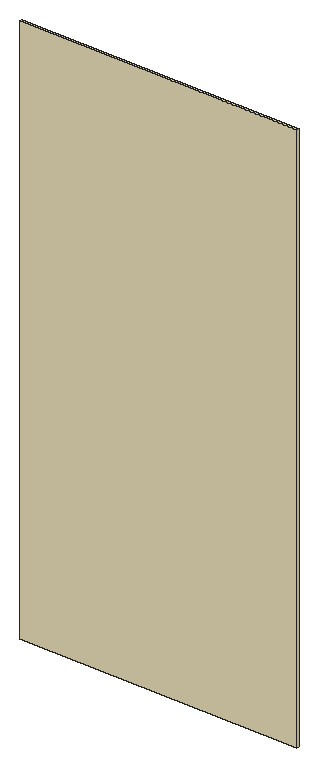
Revit family "American Oak Veneer Roman Brick", category Generic Models, Revit 2017
Family settings
  Can host rebar = No
  Round Connector Dimension = Use Diameter
  Part Type = Normal
  Work Plane-Based = No
  Always vertical = Yes
  Cut with Voids When Loaded = No
  Shared = Yes
  Room Calculation Point = No
Parameters (values of type "2400 x 1200")
  Raw Finish Code = "EX24 AW-ROM"  # constant formula
  Panel_width = 1200 mm  # constant formula
  Panel_thickness = 10 mm  # constant formula
  Material = none
  URL = "https://www.easycraft.com.au/products/253/expression-series"
  Model = "Expression Series - Roman Brick"  # constant formula
  Manufacturer = "Easycraft Australia Pty Ltd ph 07 3906 7200"  # constant formula
  Panel_height = 2400 mm  # constant formula
  Description = "American Walnut Veneer"  # constant formula
  Clear Finish Code = "EX24 AW-ROM-CF"  # constant formula
  Assembly Code = ""
Reference planes
  plane 1 "Center (Front/Back)": y = 0
  plane 2: z = 0
  plane 3 "Center (Left/Right)": x = 0
  plane 4 "Panel_top": z = 2400
  plane 5 "Panel face": y = -10
  plane 6: x = 1200
Forms (mm)
  Extrusion 1, solid, material "American Oak Veneer"
    sketch origin (0, 0, 2400) x (0, -1, 0) y (1, 0, 0)
      loop
        line (0, 0) -> (10, 0) -> (10, 1200) -> (0, 1200) -> (0, 0)
    from -2400 to 0
Lines and regions (mm)
  model lines, style "easycraft expressions pattern"
    curve 1: line (1200, -10, 2379.852) -> (0, -10, 2379.852)
    curve 2: line (0, -10, 2295.36) -> (1200, -10, 2295.36)
    curve 3: line (1200, -10, 2210.868) -> (0, -10, 2210.868)
    curve 4: line (0, -10, 2123.127) -> (1200, -10, 2123.127)
    curve 5: line (1200, -10, 2038.635) -> (0, -10, 2038.635)
    curve 6: line (0, -10, 1953.927) -> (1200, -10, 1953.927)
    curve 7: line (1200, -10, 1869.435) -> (0, -10, 1869.435)
    curve 8: line (0, -10, 1784.943) -> (1200, -10, 1784.943)
    curve 9: line (1200, -10, 1700.451) -> (0, -10, 1700.451)
    curve 10: line (0, -10, 1615.96) -> (1200, -10, 1615.96)
    curve 11: line (1200, -10, 1531.468) -> (0, -10, 1531.468)
    curve 12: line (0, -10, 1446.759) -> (1200, -10, 1446.759)
    curve 13: line (1200, -10, 1362.268) -> (0, -10, 1362.268)
    curve 14: line (0, -10, 1274.526) -> (1200, -10, 1274.526)
    curve 15: line (1200, -10, 1190.034) -> (0, -10, 1190.034)
    curve 16: line (0, -10, 1105.543) -> (1200, -10, 1105.543)
    curve 17: line (1200, -10, 1021.051) -> (0, -10, 1021.051)
    curve 18: line (0, -10, 936.342) -> (1200, -10, 936.342)
    curve 19: line (1200, -10, 851.851) -> (0, -10, 851.851)
    curve 20: line (0, -10, 767.359) -> (1200, -10, 767.359)
    curve 21: line (1200, -10, 682.867) -> (0, -10, 682.867)
    curve 22: line (0, -10, 598.375) -> (1200, -10, 598.375)
    curve 23: line (1200, -10, 513.883) -> (0, -10, 513.883)
    curve 24: line (0, -10, 429.175) -> (1200, -10, 429.175)
    curve 25: line (1200, -10, 341.433) -> (0, -10, 341.433)
    curve 26: line (601.625, -10, 2379.852) -> (601.625, -10, 2400)
    curve 27: line (601.625, -10, 2210.868) -> (601.625, -10, 2295.36)
    curve 28: line (601.625, -10, 2038.635) -> (601.625, -10, 2123.127)
    curve 29: line (601.625, -10, 1869.435) -> (601.625, -10, 1953.927)
    curve 30: line (601.625, -10, 1700.451) -> (601.625, -10, 1784.943)
    curve 31: line (601.625, -10, 1531.468) -> (601.625, -10, 1615.96)
    curve 32: line (601.625, -10, 1362.268) -> (601.625, -10, 1446.759)
    curve 33: line (601.625, -10, 1190.034) -> (601.625, -10, 1274.526)
    curve 34: line (601.625, -10, 1021.051) -> (601.625, -10, 1105.543)
    curve 35: line (601.625, -10, 851.851) -> (601.625, -10, 936.342)
    curve 36: line (601.625, -10, 682.867) -> (601.625, -10, 767.359)
    curve 37: line (601.625, -10, 513.883) -> (601.625, -10, 598.375)
    curve 38: line (601.625, -10, 341.433) -> (601.625, -10, 429.175)
    curve 39: line (751.327, -10, 2295.36) -> (751.327, -10, 2379.852)
    curve 40: line (452.139, -10, 2295.36) -> (452.139, -10, 2379.852)
    curve 41: line (751.327, -10, 2123.127) -> (751.327, -10, 2210.868)
    curve 42: line (452.139, -10, 2123.127) -> (452.139, -10, 2210.868)
    curve 43: line (751.327, -10, 1953.927) -> (751.327, -10, 2038.635)
    curve 44: line (452.139, -10, 1953.927) -> (452.139, -10, 2038.635)
    curve 45: line (751.327, -10, 1784.943) -> (751.327, -10, 1869.435)
    curve 46: line (452.139, -10, 1784.943) -> (452.139, -10, 1869.435)
    curve 47: line (751.327, -10, 1615.96) -> (751.327, -10, 1700.451)
    curve 48: line (452.139, -10, 1615.96) -> (452.139, -10, 1700.451)
    curve 49: line (751.327, -10, 1446.759) -> (751.327, -10, 1531.468)
    curve 50: line (452.139, -10, 1446.759) -> (452.139, -10, 1531.468)
    curve 51: line (751.327, -10, 1274.526) -> (751.327, -10, 1362.268)
    curve 52: line (452.139, -10, 1274.526) -> (452.139, -10, 1362.268)
    curve 53: line (751.327, -10, 1105.543) -> (751.327, -10, 1190.034)
    curve 54: line (452.139, -10, 1105.543) -> (452.139, -10, 1190.034)
    curve 55: line (751.327, -10, 936.342) -> (751.327, -10, 1021.051)
    curve 56: line (452.139, -10, 936.342) -> (452.139, -10, 1021.051)
    curve 57: line (751.327, -10, 767.359) -> (751.327, -10, 851.851)
    curve 58: line (452.139, -10, 767.359) -> (452.139, -10, 851.851)
    curve 59: line (751.327, -10, 598.375) -> (751.327, -10, 682.867)
    curve 60: line (452.139, -10, 598.375) -> (452.139, -10, 682.867)
    curve 61: line (751.327, -10, 429.175) -> (751.327, -10, 513.883)
    curve 62: line (452.139, -10, 429.175) -> (452.139, -10, 513.883)
    curve 63: line (900.812, -10, 2379.852) -> (900.812, -10, 2400)
    curve 64: line (900.812, -10, 2210.868) -> (900.812, -10, 2295.36)
    curve 65: line (900.812, -10, 2038.635) -> (900.812, -10, 2123.127)
    curve 66: line (1050.515, -10, 2295.36) -> (1050.515, -10, 2379.852)
    curve 67: line (1050.515, -10, 2123.127) -> (1050.515, -10, 2210.868)
    curve 68: line (1050.515, -10, 1953.927) -> (1050.515, -10, 2038.635)
    curve 69: line (1050.515, -10, 1784.943) -> (1050.515, -10, 1869.435)
    curve 70: line (1050.515, -10, 1615.96) -> (1050.515, -10, 1700.451)
    curve 71: line (1050.515, -10, 1446.759) -> (1050.515, -10, 1531.468)
    curve 72: line (1050.515, -10, 1274.526) -> (1050.515, -10, 1362.268)
    curve 73: line (1050.515, -10, 1105.543) -> (1050.515, -10, 1190.034)
    curve 74: line (1050.515, -10, 936.342) -> (1050.515, -10, 1021.051)
    curve 75: line (1050.515, -10, 767.359) -> (1050.515, -10, 851.851)
    curve 76: line (1050.515, -10, 598.375) -> (1050.515, -10, 682.867)
    curve 77: line (1050.515, -10, 429.175) -> (1050.515, -10, 513.883)
    curve 78: line (900.812, -10, 1869.435) -> (900.812, -10, 1953.927)
    curve 79: line (900.812, -10, 1700.451) -> (900.812, -10, 1784.943)
    curve 80: line (900.812, -10, 1531.468) -> (900.812, -10, 1615.96)
    curve 81: line (900.812, -10, 1362.268) -> (900.812, -10, 1446.759)
    curve 82: line (900.812, -10, 1190.034) -> (900.812, -10, 1274.526)
    curve 83: line (900.812, -10, 1021.051) -> (900.812, -10, 1105.543)
    curve 84: line (900.812, -10, 851.851) -> (900.812, -10, 936.342)
    curve 85: line (900.812, -10, 682.867) -> (900.812, -10, 767.359)
    curve 86: line (900.812, -10, 513.883) -> (900.812, -10, 598.375)
    curve 87: line (900.812, -10, 341.433) -> (900.812, -10, 429.175)
    curve 88: line (299.188, -10, 2379.852) -> (299.188, -10, 2400)
    curve 89: line (299.188, -10, 2210.868) -> (299.188, -10, 2295.36)
    curve 90: line (299.188, -10, 2038.635) -> (299.188, -10, 2123.127)
    curve 91: line (299.188, -10, 1869.435) -> (299.188, -10, 1953.927)
    curve 92: line (299.188, -10, 1700.451) -> (299.188, -10, 1784.943)
    curve 93: line (299.188, -10, 1531.468) -> (299.188, -10, 1615.96)
    curve 94: line (299.188, -10, 1362.268) -> (299.188, -10, 1446.759)
    curve 95: line (299.188, -10, 1190.034) -> (299.188, -10, 1274.526)
    curve 96: line (299.188, -10, 1021.051) -> (299.188, -10, 1105.543)
    curve 97: line (299.188, -10, 851.851) -> (299.188, -10, 936.342)
    curve 98: line (299.188, -10, 682.867) -> (299.188, -10, 767.359)
    curve 99: line (299.188, -10, 513.883) -> (299.188, -10, 598.375)
    curve 100: line (149.702, -10, 2295.36) -> (149.702, -10, 2379.852)
    curve 101: line (149.702, -10, 2123.127) -> (149.702, -10, 2210.868)
    curve 102: line (149.702, -10, 1953.927) -> (149.702, -10, 2038.635)
    curve 103: line (149.702, -10, 1784.943) -> (149.702, -10, 1869.435)
    curve 104: line (149.702, -10, 1615.96) -> (149.702, -10, 1700.451)
    curve 105: line (149.702, -10, 1446.759) -> (149.702, -10, 1531.468)
    curve 106: line (149.702, -10, 1274.526) -> (149.702, -10, 1362.268)
    curve 107: line (149.702, -10, 1105.543) -> (149.702, -10, 1190.034)
    curve 108: line (149.702, -10, 936.342) -> (149.702, -10, 1021.051)
    curve 109: line (149.702, -10, 767.359) -> (149.702, -10, 851.851)
    curve 110: line (149.702, -10, 598.375) -> (149.702, -10, 682.867)
    curve 111: line (149.702, -10, 429.175) -> (149.702, -10, 513.883)
    curve 112: line (299.188, -10, 341.433) -> (299.188, -10, 429.175)
    curve 113: line (0, -10, 256.942) -> (1200, -10, 256.942)
    curve 114: line (1200, -10, 172.45) -> (0, -10, 172.45)
    curve 115: line (0, -10, 87.958) -> (1200, -10, 87.958)
    curve 116: line (1050.515, -10, 256.942) -> (1050.515, -10, 341.433)
    curve 117: line (1050.515, -10, 87.958) -> (1050.515, -10, 172.45)
    curve 118: line (601.625, -10, 172.45) -> (601.625, -10, 256.942)
    curve 119: line (751.327, -10, 256.942) -> (751.327, -10, 341.433)
    curve 120: line (452.139, -10, 256.942) -> (452.139, -10, 341.433)
    curve 121: line (751.327, -10, 87.958) -> (751.327, -10, 172.45)
    curve 122: line (452.139, -10, 87.958) -> (452.139, -10, 172.45)
    curve 123: line (900.812, -10, 172.45) -> (900.812, -10, 256.942)
    curve 124: line (299.188, -10, 172.45) -> (299.188, -10, 256.942)
    curve 125: line (149.702, -10, 256.942) -> (149.702, -10, 341.433)
    curve 126: line (149.702, -10, 87.958) -> (149.702, -10, 172.45)
    curve 127: line (900.812, -10, 0) -> (900.812, -10, 87.958)
    curve 128: line (601.625, -10, 0) -> (601.625, -10, 87.958)
    curve 129: line (299.188, -10, 0) -> (299.188, -10, 87.958)
Dimensions and locks
  "Panel_height": plane 4 "Panel_top" to plane 2
  "Panel_thickness": plane 5 "Panel face" to plane 1 "Center (Front/Back)"
  "Panel_width": Extrusion 1 to plane 3 "Center (Left/Right)"
  aligned and locked: level to plane 2
  aligned and locked: Extrusion 1 to level
  aligned and locked: plane 5 "Panel face" to Extrusion 1
Automatic sketch dimensions
  plane 1 "Center (Front/Back)" to Extrusion 1 sketch curve = 0 mm
  Extrusion 1 sketch curve to plane 3 "Center (Left/Right)" = 0 mm
  Extrusion 1 sketch curve to plane 5 "Panel face" = 0 mm
  Extrusion 1 sketch curve to plane 6 = 0 mm
  curve 22 to plane 3 "Center (Left/Right)" = 0 mm
  curve 1 to plane 3 "Center (Left/Right)" = 0 mm
  curve 2 to plane 3 "Center (Left/Right)" = 0 mm
  curve 113 to plane 3 "Center (Left/Right)" = 0 mm
  curve 25 to plane 3 "Center (Left/Right)" = 0 mm
  curve 3 to plane 3 "Center (Left/Right)" = 0 mm
  curve 4 to plane 3 "Center (Left/Right)" = 0 mm
  curve 115 to plane 3 "Center (Left/Right)" = 0 mm
  curve 24 to plane 3 "Center (Left/Right)" = 0 mm
  curve 5 to plane 3 "Center (Left/Right)" = 0 mm
  curve 6 to plane 3 "Center (Left/Right)" = 0 mm
  curve 23 to plane 3 "Center (Left/Right)" = 0 mm
  curve 114 to plane 3 "Center (Left/Right)" = 0 mm
  curve 7 to plane 3 "Center (Left/Right)" = 0 mm
  curve 8 to plane 3 "Center (Left/Right)" = 0 mm
  curve 21 to plane 3 "Center (Left/Right)" = 0 mm
  curve 20 to plane 3 "Center (Left/Right)" = 0 mm
  curve 9 to plane 3 "Center (Left/Right)" = 0 mm
  curve 10 to plane 3 "Center (Left/Right)" = 0 mm
  curve 19 to plane 3 "Center (Left/Right)" = 0 mm
  curve 18 to plane 3 "Center (Left/Right)" = 0 mm
  curve 11 to plane 3 "Center (Left/Right)" = 0 mm
  curve 12 to plane 3 "Center (Left/Right)" = 0 mm
  curve 17 to plane 3 "Center (Left/Right)" = 0 mm
  curve 16 to plane 3 "Center (Left/Right)" = 0 mm
  curve 13 to plane 3 "Center (Left/Right)" = 0 mm
  curve 14 to plane 3 "Center (Left/Right)" = 0 mm
  curve 15 to plane 3 "Center (Left/Right)" = 0 mm
  curve 88 to plane 4 "Panel_top" = 0 mm
  curve 129 to level = 0 mm
  curve 26 to plane 4 "Panel_top" = 0 mm
  curve 128 to level = 0 mm
  curve 63 to plane 4 "Panel_top" = 0 mm
  curve 127 to level = 0 mm
  curve 115 to plane 6 = 0 mm
  curve 25 to plane 6 = 0 mm
  curve 114 to plane 6 = 0 mm
  curve 113 to plane 6 = 0 mm
  curve 24 to plane 6 = 0 mm
  curve 23 to plane 6 = 0 mm
  curve 22 to plane 6 = 0 mm
  curve 21 to plane 6 = 0 mm
  curve 20 to plane 6 = 0 mm
  curve 19 to plane 6 = 0 mm
  curve 18 to plane 6 = 0 mm
  curve 17 to plane 6 = 0 mm
  curve 16 to plane 6 = 0 mm
  curve 15 to plane 6 = 0 mm
  curve 14 to plane 6 = 0 mm
  curve 13 to plane 6 = 0 mm
  curve 12 to plane 6 = 0 mm
  curve 11 to plane 6 = 0 mm
  curve 10 to plane 6 = 0 mm
  curve 9 to plane 6 = 0 mm
  curve 8 to plane 6 = 0 mm
  curve 7 to plane 6 = 0 mm
  curve 6 to plane 6 = 0 mm
  curve 5 to plane 6 = 0 mm
  curve 4 to plane 6 = 0 mm
  curve 3 to plane 6 = 0 mm
  curve 2 to plane 6 = 0 mm
  curve 1 to plane 6 = 0 mm
  curve 3 to curve 101 = 149.702 mm
  curve 24 to curve 111 = 149.702 mm
  curve 21 to curve 110 = 149.702 mm
  curve 19 to curve 109 = 149.702 mm
  curve 17 to curve 108 = 149.702 mm
  curve 15 to curve 107 = 149.702 mm
  curve 113 to curve 125 = 149.702 mm
  curve 13 to curve 106 = 149.702 mm
  curve 115 to curve 126 = 149.702 mm
  curve 11 to curve 105 = 149.702 mm
  curve 100 to curve 101 = 0 mm
  curve 9 to curve 104 = 149.702 mm
  curve 7 to curve 103 = 149.702 mm
  curve 101 to curve 102 = 0 mm
  curve 102 to curve 90 = 149.485 mm
  curve 100 to curve 89 = 149.485 mm
  curve 88 to curve 89 = 0 mm
  curve 90 to curve 91 = 0 mm
  curve 104 to curve 92 = 149.485 mm
  curve 105 to curve 93 = 149.485 mm
  curve 110 to curve 99 = 149.485 mm
  curve 106 to curve 94 = 149.485 mm
  curve 107 to curve 95 = 149.485 mm
  curve 108 to curve 96 = 149.485 mm
  curve 125 to curve 124 = 149.485 mm
  curve 109 to curve 97 = 149.485 mm
  curve 97 to curve 98 = 0 mm
  curve 112 to curve 124 = 0 mm
  curve 124 to curve 129 = 0 mm
  curve 91 to curve 44 = 152.952 mm
  plane 4 "Panel_top" to curve 40 = 20.148 mm
  curve 88 to curve 40 = 152.952 mm
  curve 42 to curve 44 = 0 mm
  curve 92 to curve 46 = 152.952 mm
  curve 124 to curve 122 = 152.952 mm
  curve 93 to curve 48 = 152.952 mm
  curve 112 to curve 120 = 152.952 mm
  curve 94 to curve 50 = 152.952 mm
  curve 99 to curve 62 = 152.952 mm
  curve 95 to curve 52 = 152.952 mm
  curve 98 to curve 60 = 152.952 mm
  curve 96 to curve 54 = 152.952 mm
  curve 97 to curve 58 = 152.952 mm
  curve 56 to curve 58 = 0 mm
  curve 44 to curve 28 = 149.485 mm
  curve 40 to curve 27 = 149.485 mm
  curve 46 to curve 29 = 149.485 mm
  curve 26 to curve 27 = 0 mm
  curve 48 to curve 30 = 149.485 mm
  curve 122 to curve 118 = 149.485 mm
  curve 50 to curve 31 = 149.485 mm
  curve 52 to curve 32 = 149.485 mm
  curve 54 to curve 33 = 149.485 mm
  curve 56 to curve 34 = 149.485 mm
  curve 118 to curve 128 = 0 mm
  curve 58 to curve 35 = 149.485 mm
  curve 60 to curve 36 = 149.485 mm
  curve 62 to curve 38 = 149.485 mm
  curve 36 to curve 37 = 0 mm
  curve 27 to curve 39 = 149.702 mm
  curve 28 to curve 41 = 149.702 mm
  curve 29 to curve 43 = 149.702 mm
  curve 30 to curve 45 = 149.702 mm
  curve 31 to curve 47 = 149.702 mm
  curve 118 to curve 121 = 149.702 mm
  curve 32 to curve 49 = 149.702 mm
  curve 38 to curve 119 = 149.702 mm
  curve 33 to curve 51 = 149.702 mm
  curve 34 to curve 53 = 149.702 mm
  curve 35 to curve 55 = 149.702 mm
  curve 36 to curve 57 = 149.702 mm
  curve 37 to curve 59 = 149.702 mm
  curve 61 to curve 119 = 0 mm
  curve 119 to curve 87 = 149.485 mm
  curve 59 to curve 86 = 149.485 mm
  curve 39 to curve 63 = 149.485 mm
  curve 57 to curve 85 = 149.485 mm
  curve 55 to curve 84 = 149.485 mm
  curve 53 to curve 83 = 149.485 mm
  curve 51 to curve 82 = 149.485 mm
  curve 49 to curve 81 = 149.485 mm
  curve 47 to curve 80 = 149.485 mm
  curve 45 to curve 79 = 149.485 mm
  curve 43 to curve 78 = 149.485 mm
  curve 41 to curve 64 = 149.485 mm
  curve 121 to curve 123 = 149.485 mm
  curve 123 to curve 127 = 0 mm
  curve 65 to curve 78 = 0 mm
  curve 77 to plane 6 = 149.485 mm
  curve 76 to plane 6 = 149.485 mm
  curve 75 to plane 6 = 149.485 mm
  curve 74 to plane 6 = 149.485 mm
  curve 73 to plane 6 = 149.485 mm
  curve 72 to plane 6 = 149.485 mm
  curve 71 to plane 6 = 149.485 mm
  curve 70 to curve 9 = 149.485 mm
  curve 69 to curve 7 = 149.485 mm
  curve 68 to curve 5 = 149.485 mm
  curve 67 to curve 3 = 149.485 mm
  curve 66 to curve 1 = 149.485 mm
  curve 117 to plane 6 = 149.485 mm
  curve 77 to curve 116 = 0 mm
  level to curve 127 = 87.958 mm
  curve 121 to curve 121 = 84.492 mm
  curve 118 to curve 118 = 84.492 mm
  curve 124 to curve 112 = 84.492 mm
  curve 116 to curve 77 = 87.741 mm
  curve 61 to curve 61 = 84.708 mm
  curve 99 to curve 99 = 84.492 mm
  curve 76 to curve 76 = 84.492 mm
  curve 76 to curve 75 = 84.492 mm
  curve 109 to curve 109 = 84.492 mm
  curve 19 to curve 18 = 84.492 mm
  curve 84 to curve 83 = 84.708 mm
  curve 108 to curve 107 = 84.492 mm
  curve 16 to curve 15 = 84.492 mm
  curve 54 to curve 52 = 84.492 mm
  curve 82 to curve 81 = 87.741 mm
  curve 13 to curve 12 = 84.492 mm
  curve 49 to curve 49 = 84.708 mm
  curve 80 to curve 80 = 84.492 mm
  curve 70 to curve 70 = 84.492 mm
  curve 92 to curve 92 = 84.492 mm
  curve 8 to curve 7 = 84.492 mm
  curve 69 to curve 68 = 84.492 mm
  curve 44 to curve 44 = 84.708 mm
  curve 68 to curve 67 = 84.492 mm
  curve 101 to curve 101 = 87.741 mm
  curve 67 to curve 66 = 84.492 mm
